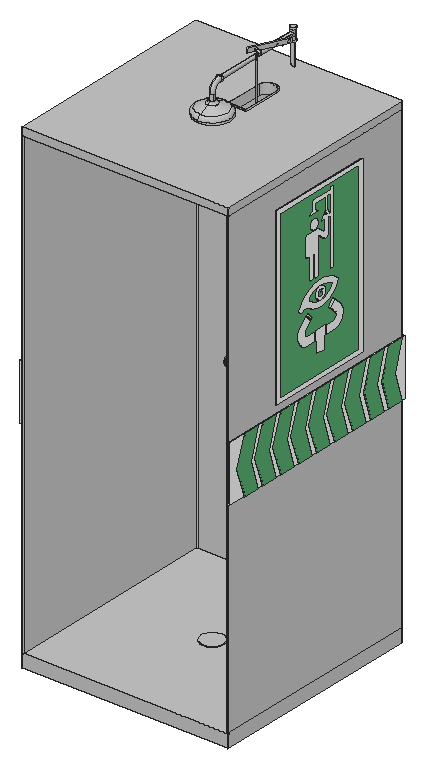
Revit family "Plumbing-Fixturse_Haws-Corporation_8605SS", category Plumbing Fixtures, Revit 2020
Family settings
  Round Connector Dimension = Use Radius
  Part Type = Normal
  OmniClass Number = 23.45.05.14.17.11
  Work Plane-Based = Yes
  Always vertical = No
  Cut with Voids When Loaded = No
  Shared = No
  Room Calculation Point = No
Parameters (values of type "8605SS")
  Width = 38.74016"  # constant formula
  Waste Connection = 1 < 2  # yes
  WFU = 1  # constant formula
  Version = 1
  Vent Connection = 3 < 2  # no
  URL = "https://www.hawsco.com/"
  Supply Radius = 1" / 2  # 1/2"
  Sanitary Radius = 2"  # constant formula
  Housing Material = Haws Corporation - Metal - Satin Finish Stainless Steel
  Date Updated = ""
  Date Created = "2023/09/20"
  Connector angle [instance] = if(Inlet Bottom, 180.00°, 0.00°)  # 0.00°
  Connector Description [instance] = if(Inlet Bottom, "1 NPT(F) Inlet Bottom", "1 NPT(F) Inlet Top")  # "1 NPT(F) Inlet Top"
  Inlet Top [instance] = not(Inlet Bottom)  # yes
  Pull Rod = Haws Corporation - Metal - High Polished Stainless Steel
  Product data url = "https://www.bimobject.com/hawscorporation/product/haws-8605SS-shower-eye-face-wash"
  Product Page URL = "https://www.hawsco.com/products/8605ss-enclosed-shower-and-eye-face-wash-stainless-steel-booth/"
  Product Documentation Link = "https://www.hawsco.com/wp-content/uploads/2023/07/8605SS_specsheet.pdf"
  Model = "8605SS"  # constant formula
  Manufacturer = "Haws Corporation"  # constant formula
  Height = 82.32283"  # constant formula
  HWFU = 0  # constant formula
  HW Connection = 3 < 2  # no
  Flow = 20 GPM  # constant formula
  Description = "Model 8605SS combination shower and eye/face wash stainless steel."  # constant formula
  Depth = 36.65354"  # constant formula
  Default Elevation = 10"
  Connector offset [instance] = if(Inlet Bottom, 0", 92 5/128")  # 92 5/128"
  Inlet Bottom [instance] = no
  CWFU = 1  # constant formula
  CW Connection = 1 < 2  # yes
Reference planes (in)
  plane 1 "Center (Front/Back)": y = 0
  plane 2: z = 0
  plane 3 "Center (Left/Right)": x = 0
Forms (in)
  Extrusion 1, solid, material "Haws Corporation - Metal - Satin Finish Stainless Steel" <- "Housing Material", detail levels medium+fine
    sketch origin (0, 0, 0) x (1, 0, 0) y (0, 1, 0)
      loop
        arc (-18.03202, 19.37008) -> (-18.24044, 19.28375) -> (-18.32677, 19.07532) r 0.29476
        line (-18.32677, 19.07532) -> (-18.32677, -19.23377)
        arc (-18.32677, -19.23377) -> (-18.28685, -19.33016) -> (-18.19047, -19.37008) r 0.13631
        line (-18.19047, -19.37008) -> (-18.07164, -19.37008)
        arc (-18.07164, -19.37008) -> (-17.97366, -19.32949) -> (-17.93307, -19.23151) r 0.13857
        line (-17.93307, -19.23151) -> (-17.93307, 18.78032)
        arc (-17.93307, 18.78032) -> (-17.87565, 18.91895) -> (-17.73702, 18.97638) r 0.19606
        line (-17.73702, 18.97638) -> (17.73622, 18.97638)
        arc (17.73622, 18.97638) -> (17.87541, 18.91872) -> (17.93307, 18.77953) r 0.19685
        line (17.93307, 18.77953) -> (17.93307, -19.23292)
        arc (17.93307, -19.23292) -> (17.97324, -19.32991) -> (18.07022, -19.37008) r 0.13715
        line (18.07022, -19.37008) -> (18.18912, -19.37008)
        arc (18.18912, -19.37008) -> (18.28646, -19.32976) -> (18.32677, -19.23243) r 0.13765
        line (18.32677, -19.23243) -> (18.32677, 19.07471)
        arc (18.32677, 19.07471) -> (18.24026, 19.28357) -> (18.03141, 19.37008) r 0.29536
        line (18.03141, 19.37008) -> (-18.03202, 19.37008)
    from 2.3622 to 84.62205
  Extrusion 2, solid, material "Haws Corporation - Metal - Satin Finish Stainless Steel" <- "Housing Material", detail levels medium+fine
    sketch origin (0, 0, 0) x (1, 0, 0) y (0, 1, 0)
      loop
        line (-18.32677, 19.07532) -> (-18.32677, -19.23377)
        arc (-18.32677, -19.23377) -> (-18.28685, -19.33016) -> (-18.19047, -19.37008) r 0.13631
        line (-18.19047, -19.37008) -> (18.18912, -19.37008)
        arc (18.18912, -19.37008) -> (18.28646, -19.32976) -> (18.32677, -19.23243) r 0.13765
        line (18.32677, -19.23243) -> (18.32677, 19.07471)
        arc (18.32677, 19.07471) -> (18.24026, 19.28357) -> (18.03141, 19.37008) r 0.29536
        line (18.03141, 19.37008) -> (-18.03202, 19.37008)
        arc (-18.03202, 19.37008) -> (-18.24044, 19.28375) -> (-18.32677, 19.07532) r 0.29476
    from 84.62205 to 86
  Extrusion 3, solid, material "Haws Corporation - Metal - Satin Finish Stainless Steel" <- "Housing Material", detail levels medium+fine
    sketch origin (0, 0, 0) x (1, 0, 0) y (0, 1, 0)
      loop
        line (-18.32677, 19.07532) -> (-18.32677, -19.23377)
        arc (-18.32677, -19.23377) -> (-18.28685, -19.33016) -> (-18.19047, -19.37008) r 0.13631
        line (-18.19047, -19.37008) -> (18.18912, -19.37008)
        arc (18.18912, -19.37008) -> (18.28646, -19.32976) -> (18.32677, -19.23243) r 0.13765
        line (18.32677, -19.23243) -> (18.32677, 19.07471)
        arc (18.32677, 19.07471) -> (18.24026, 19.28357) -> (18.03141, 19.37008) r 0.29536
        line (18.03141, 19.37008) -> (-18.03202, 19.37008)
        arc (-18.03202, 19.37008) -> (-18.24044, 19.28375) -> (-18.32677, 19.07532) r 0.29476
    from 0 to 2.3622
  Revolve 4, solid, material "Haws Corporation - Metal - Satin Finish Stainless Steel" <- "Housing Material"
    sketch origin (0, 0, 3.67717) x (0, 1, 0) y (0, 0, 1)
      loop
        line (0, 80.94488) -> (3.14961, 80.94488) -> (3.14961, 82.62897)
        arc (3.14961, 82.62897) -> (3.01499, 83.06928) -> (2.65717, 83.35904) r 0.7874
        line (2.65717, 83.35904) -> (0.91336, 84.06358)
        arc (0.91336, 84.06358) -> (0.68025, 84.25139) -> (0.59058, 84.53699) r 0.51617
        line (0.59058, 84.53699) -> (0, 84.53699) -> (0, 80.94488)
      axis (0, 84.53699) -> (0, 80.94488)
    angle from 0 to 360
  Extrusion 5, void
    sketch origin (0, 0, 0) x (1, 0, 0) y (0, 1, 0)
      loop
        circle (0, 0) r 3.14961
    from 86 to 84.62205
  Extrusion 6, solid, material "Haws Corporation - Metal - Satin Finish Stainless Steel" <- "Housing Material"
    sketch origin (0, 0, 3.67717) x (1, 0, 0) y (0, 1, 0)
      loop
        circle (0, 0) r 0.28906
    from 84.53699 to 85.71809
  Sweep 7, solid, material "Haws Corporation - Metal - Satin Finish Stainless Steel" <- "Housing Material"
    path origin (0, 0, 3.67717) x (0, -1, 0) y (0, 0, 1)
      loop
        arc (0, 85.71809) -> (-0.46125, 86.83165) -> (-1.5748, 87.2929) r 1.5748
    profile origin (0, 0.46125, 90.50881) x (0, 0.707107, -0.707107) y (-1, 0, 0)
      loop
        circle (0, 0) r 0.39453
  Extrusion 8, solid, material "Haws Corporation - Metal - Satin Finish Stainless Steel" <- "Housing Material"
    sketch origin (0, -0.3937, 0) x (1, 0, 0) y (0, 1, 0)
      loop
        circle (0, 18.32302) r 0.28906
    from 3.6465 to 89.85288
  Extrusion 9, solid, material "Haws Corporation - Metal - Satin Finish Stainless Steel" <- "Housing Material"
    sketch origin (-0.00445, 0, 3.30747) x (1, 0, 0) y (0, 0, 1)
      loop
        circle (0.00445, 87.6626) r 0.28906
    from -14.5236 to -1.77165
  Extrusion 10, solid, material "Haws Corporation - Metal - Satin Finish Stainless Steel" <- "Housing Material"
    sketch origin (0, 0, 3.67717) x (1, 0, 0) y (0, 1, 0)
      loop
        circle (0, 17.92932) r 0.39453
    from 86.37256 to 88.16346
  Extrusion 11, solid, material "Haws Corporation - Metal - Satin Finish Stainless Steel" <- "Housing Material"
    sketch origin (0, 0, 3.67717) x (1, 0, 0) y (0, 0, 1)
      loop
        circle (0, 87.2929) r 0.39453
    from -17.92932 to -14.5236
  Extrusion 12, solid, material "Haws Corporation - Metal - Satin Finish Stainless Steel" <- "Housing Material"
    sketch origin (0, 0, 2.87402) x (1, 0, 0) y (0, 1, 0)
      loop
        circle (0, 17.92932) r 0.5
    from 88.96661 to 89.16346
  Extrusion 13, solid, material "Haws Corporation - Metal - Satin Finish Stainless Steel" <- "Housing Material"
    sketch origin (0, 0, 4.43055) x (1, 0, 0) y (0, 1, 0)
      loop
        circle (0, 17.92932) r 0.5
    from 85.42233 to 85.61918
  Extrusion 14, solid, material "Haws Corporation - Metal - Satin Finish Stainless Steel" <- "Housing Material"
    sketch origin (0, 0, 3.67717) x (1, 0, 0) y (0, 0, 1)
      loop
        circle (0, 87.2929) r 0.5
    from -1.77165 to -1.5748
  Extrusion 15, solid, material "Haws Corporation - Metal - Satin Finish Stainless Steel" <- "Housing Material", detail levels medium+fine
    sketch origin (0, 0, 3.67717) x (1, 0, 0) y (0, 0, 1)
      loop
        line (0.63986, 87.6866) -> (0.49036, 87.6866) -> (0.49036, 86.89919) -> (0.63986, 86.89919) -> (0.63986, 87.6866)
    from -16.84179 to -14.85017
  Extrusion 16, solid, material "Haws Corporation - Metal - Satin Finish Stainless Steel" <- "Housing Material", detail levels medium+fine
    sketch origin (2.66319, 69.0114, 20.48529) x (0, -0.866025, -0.5) y (0, -0.5, 0.866025)
      loop
        arc (17.60455, 93.85978) -> (17.43215, 94.24035) -> (17.05849, 94.42727) r 0.625
        line (17.05849, 94.42727) -> (10.11001, 87.47879)
        arc (10.11001, 87.47879) -> (10.2897, 87.1017) -> (10.66679, 86.92201) r 0.625
        line (10.66679, 86.92201) -> (17.60455, 93.85978)
      loop
        circle (10.85, 87.6455) r 0.15748
      loop
        circle (13.84469, 90.64019) r 0.15625
      loop
        circle (16.31956, 93.11506) r 0.15625
    from 1.7579 to 2.02333
  Extrusion 17, solid, material "Haws Corporation - Metal - Satin Finish Stainless Steel" <- "Housing Material", detail levels fine
    sketch origin (0, 26.63899, 3.30657) x (0, -1, 0) y (0, 0, 1)
      loop
        line (10.58484, 87.65695) -> (10.71577, 87.43017) -> (10.97764, 87.43017) -> (11.10858, 87.65695) -> (10.97764, 87.88374) -> (10.71577, 87.88374) -> (10.58484, 87.65695)
    from -0.99185 to -0.90529
  Extrusion 18, void
    sketch origin (0, 0, 0) x (1, 0, 0) y (0, 1, 0)
      loop
        line (0, 3.54331) -> (3.14961, 3.54331) -> (3.14961, 10.23622)
        arc (3.14961, 10.23622) -> (1.5748, 11.81102) -> (0, 10.23622) r 1.5748
        line (0, 10.23622) -> (0, 3.54331)
    from 84.62205 to 86
  Extrusion 19, solid, material "Haws Corporation - Metal - Satin Finish Stainless Steel" <- "Housing Material", detail levels medium+fine
    sketch origin (0, 0, 3.67717) x (1, 0, 0) y (0, 1, 0)
      loop
        arc (3.14961, 10.23622) -> (1.5748, 11.81102) -> (0, 10.23622) r 1.5748
        line (0, 10.23622) -> (0, 3.54331) -> (3.14961, 3.54331) -> (3.14961, 10.23622)
      loop
        line (0.09875, 10.23622) -> (0.09875, 3.6429) -> (3.0515, 3.6429) -> (3.0515, 10.23622)
        arc (3.0515, 10.23622) -> (1.57513, 11.7126) -> (0.09875, 10.23622) r 1.47638
    from 80.77586 to 82.46483
  Revolve 20, solid, material "Haws Corporation - Metal - Satin Finish Stainless Steel" <- "Housing Material"
    sketch origin (0, 14.96377, 5.59252) x (0, 1, 0) y (0, 0, 1)
      loop
        line (-10.125, 37.32903) -> (-9.7313, 37.32903) -> (-9.7313, 38.51098) -> (-9.01943, 38.51098)
        arc (-9.01943, 38.51098) -> (-8.89224, 38.56366) -> (-8.83956, 38.69085) r 0.17987
        arc (-8.83956, 38.69085) -> (-8.82468, 38.72694) -> (-8.78869, 38.74207) r 0.05122
        arc (-8.78869, 38.74207) -> (-8.7506, 38.75734) -> (-8.7336, 38.79469) r 0.05516
        line (-8.7336, 38.79469) -> (-8.7293, 38.92143)
        spline (-8.7293, 38.92143) -> (-8.72954, 38.92591) -> (-8.73026, 38.9301) -> (-8.73145, 38.934) -> (-8.73313, 38.9376) -> (-8.73528, 38.94092) -> (-8.73792, 38.94393) -> (-8.74103, 38.94666) -> (-8.74462, 38.94909) -> (-8.74869, 38.95123) -> (-8.75323, 38.95308) -> (-8.75826, 38.95463) -> (-8.76376, 38.95589)
        line (-8.76376, 38.95589) -> (-10.125, 38.95589) -> (-10.125, 37.32903)
      axis (-10.125, 37.32903) -> (-10.125, 38.95589)
    angle from 0 to 360
  Revolve 21, solid, material "Haws Corporation - Plastic - Green"
    sketch origin (0, 14.96377, 5.59252) x (0, 1, 0) y (0, 0, 1)
      loop
        line (-8.7887, 38.99862) -> (-8.79377, 39.14277)
        arc (-8.79377, 39.14277) -> (-8.80904, 39.18193) -> (-8.84673, 39.20052) r 0.05806
        line (-8.84673, 39.20052) -> (-9.98376, 39.20052) -> (-9.98376, 39.25) -> (-10.125, 39.25) -> (-10.125, 38.95589) -> (-8.76376, 38.95589)
        arc (-8.76376, 38.95589) -> (-8.78161, 38.97412) -> (-8.7887, 38.99862) r 0.05226
      axis (-10.125, 38.95589) -> (-10.125, 39.25)
    angle from 0 to 360
  Extrusion 22, solid, material "Haws Corporation - Metal - Satin Finish Stainless Steel" <- "Housing Material"
    sketch origin (0, 0, 0) x (1, 0, 0) y (0, 0, 1)
      loop
        circle (0, 43.31609) r 0.28906
    from -17.92932 to -17.15857
  Extrusion 23, solid, material "Haws Corporation - Metal - Satin Finish Stainless Steel" <- "Housing Material"
    sketch origin (0, 0, 0) x (1, 0, 0) y (0, 0, 1)
      loop
        circle (0, 43.31609) r 0.23438
    from -17.15857 to -15.28033
  Extrusion 24, solid, material "Haws Corporation - Metal - Satin Finish Stainless Steel" <- "Housing Material"
    sketch origin (0, 0, 0) x (1, 0, 0) y (0, 0, 1)
      loop
        line (0.73631, 43.80723) -> (-0.64164, 43.80723) -> (-0.64164, 42.82298) -> (0.73631, 42.82298) -> (0.73631, 43.80723)
    from -15.28033 to -14.0905
  Extrusion 25, solid, material "Haws Corporation - Metal - Satin Finish Stainless Steel" <- "Housing Material"
    sketch origin (0, 0, 0) x (0, 1, 0) y (0, 0, 1)
      loop
        circle (14.58274, 43.31511) r 0.49213
    from 0.73631 to 2.61057
  Sweep 26, solid, material "Haws Corporation - Metal - Satin Finish Stainless Steel" <- "Housing Material"
    path origin (0, 0, 0) x (1, 0, 0) y (0, 1, 0)
      loop
        line (1.82317, 14.58274) -> (1.82317, 10.72389)
        arc (1.82317, 10.72389) -> (1.66411, 9.92421) -> (1.21112, 9.24628) r 2.08967
        line (1.21112, 9.24628) -> (0.42899, 8.46414)
        arc (0.42899, 8.46414) -> (0.11149, 7.98897) -> (0, 7.42847) r 1.46466
        line (0, 7.42847) -> (0, 4.83877)
    profile origin (1.82317, 12.65332, 0) x (1, 0, 0) y (0, 0, 1)
      loop
        circle (0, 43.31511) r 0.29495
  Extrusion 27, solid, material "Haws Corporation - Metal - Green", detail levels medium+fine
    sketch origin (0, 18.97055, -2.40357) x (1, 0, 0) y (0, 0, 1)
      loop
        line (-3.3125, 78.70085) -> (-3.3125, 67.95085) -> (3.3125, 67.95085) -> (3.3125, 78.70085) -> (-3.3125, 78.70085)
    from 1.43424 to 1.55849
  Extrusion 28, solid, material "Haws Corporation - Metal - Satin Finish Stainless Steel" <- "Housing Material"
    sketch origin (0, 0, 0) x (1, 0, 0) y (0, 1, 0)
      loop
        circle (0, 17.92932) r 0.5
    from 0 to 3.6465
  Extrusion 29, solid, material "Haws Corporation - Metal - Satin Finish Stainless Steel" <- "Housing Material"
    sketch origin (0, 0, 0) x (1, 0, 0) y (0, 1, 0)
      loop
        circle (0, 0) r 2
    from 0 to 2.3622
  Extrusion 30, void
    sketch origin (0, 0, 0) x (1, 0, 0) y (0, 1, 0)
      loop
        circle (0, 17.92932) r 0.5
    from 0 to 3.25273
  Extrusion 31, solid, material "Haws Corporation - Metal - Satin Finish Stainless Steel" <- "Housing Material", detail levels coarse
    sketch origin (0, 0, 3.67717) x (1, 0, 0) y (0, 1, 0)
      loop
        line (-18.32677, 19.37008) -> (-18.32677, -19.37008) -> (18.32677, -19.37008) -> (18.32677, 19.37008) -> (-18.32677, 19.37008)
    from 80.94488 to 82.32283
  Extrusion 32, solid, material "Haws Corporation - Metal - Satin Finish Stainless Steel" <- "Housing Material", detail levels coarse
    sketch origin (0, 0, 0) x (1, 0, 0) y (0, 1, 0)
      loop
        line (-17.93307, -19.37008) -> (-17.93307, 18.97638) -> (17.93307, 18.97638) -> (17.93307, -19.37008) -> (18.32677, -19.37008) -> (18.32677, 19.37008) -> (-18.32677, 19.37008) -> (-18.32677, -19.37008) -> (-17.93307, -19.37008)
    from 2.3622 to 84.62205
  Extrusion 33, solid, material "Haws Corporation - Metal - Satin Finish Stainless Steel" <- "Housing Material", detail levels coarse
    sketch origin (0, 0, 0) x (1, 0, 0) y (0, 1, 0)
      loop
        line (-18.32677, 19.37008) -> (-18.32677, -19.37008) -> (18.32677, -19.37008) -> (18.32677, 19.37008) -> (-18.32677, 19.37008)
    from 2.3622 to 0
  Extrusion 34, void
    sketch origin (0, 0, 0) x (1, 0, 0) y (0, 1, 0)
      loop
        circle (0, 17.92932) r 0.28906
    from 84.62205 to 86
  Extrusion 35, solid, material "Haws Corporation - Metal - Satin Finish Stainless Steel" <- "Housing Material", not visible
    sketch origin (0, 0, 95.78906) x (0, 0, -1) y (1, 0, 0)
      loop
        line (3.60738, 0.5) -> (3.60738, -0.5) -> (3.75, -0.5) -> (3.75, 0.5) -> (3.60738, 0.5)
    from -18.42318 to -17.43362
  Extrusion 36, solid, material "Haws Corporation - Plastic - White", detail levels medium+fine
    sketch origin (0.58927, 0, 4.16566) x (1, 0, 0) y (0, 0, 1)
      loop
        line (-3.90177, 72.13162) -> (-3.90177, 61.38162) -> (2.72323, 61.38162) -> (2.72323, 72.13162) -> (-3.90177, 72.13162)
      loop
        line (-3.65177, 61.63162) -> (2.47323, 61.63162) -> (2.47323, 71.88162) -> (-3.65177, 71.88162) -> (-3.65177, 61.63162)
      loop
        arc (-0.93302, 71.22537) -> (-0.91471, 71.26957) -> (-0.87052, 71.28787) r 0.0625
        line (-0.87052, 71.28787) -> (-0.13577, 71.28787) -> (-0.13577, 70.58147) -> (-0.4194, 70.08512) -> (-0.21427, 70.08512) -> (-0.21427, 69.38162) -> (-0.66427, 69.71912)
        arc (-0.66427, 69.71912) -> (-0.71748, 69.747) -> (-0.77677, 69.75662) r 0.1875
        line (-0.77677, 69.75662) -> (-1.46427, 69.75662)
        arc (-1.46427, 69.75662) -> (-1.59685, 69.70171) -> (-1.65177, 69.56912) r 0.1875
        line (-1.65177, 69.56912) -> (-1.65177, 68.63162)
        arc (-1.65177, 68.63162) -> (-1.52677, 68.50662) -> (-1.40177, 68.63162) r 0.125
        line (-1.40177, 68.63162) -> (-1.40177, 69.50662) -> (-1.33927, 69.50662) -> (-1.33927, 67.25662)
        arc (-1.33927, 67.25662) -> (-1.21427, 67.13162) -> (-1.08927, 67.25662) r 0.125
        line (-1.08927, 67.25662) -> (-1.08927, 68.50662) -> (-0.96427, 68.50662) -> (-0.96427, 67.25662)
        arc (-0.96427, 67.25662) -> (-0.83927, 67.13162) -> (-0.71427, 67.25662) r 0.125
        line (-0.71427, 67.25662) -> (-0.71427, 69.38162) -> (-0.26427, 69.04412)
        arc (-0.26427, 69.04412) -> (-0.06792, 69.02642) -> (0.03573, 69.19412) r 0.1875
        line (0.03573, 69.19412) -> (0.03573, 70.08512) -> (0.24086, 70.08512) -> (-0.04277, 70.58147) -> (-0.04277, 71.28787) -> (0.28573, 71.28787) -> (0.28573, 67.13162) -> (0.41073, 67.13162) -> (0.41073, 71.63162) -> (0.28573, 71.63162) -> (0.28573, 71.47537) -> (-1.02677, 71.47537)
        arc (-1.02677, 71.47537) -> (-1.09306, 71.44792) -> (-1.12052, 71.38162) r 0.09375
        line (-1.12052, 71.38162) -> (-1.12052, 70.87182)
        arc (-1.12052, 70.87182) -> (-1.2379, 70.82943) -> (-1.33927, 70.75662) r 0.45312
        line (-1.33927, 70.75662) -> (-0.71427, 70.75662)
        arc (-0.71427, 70.75662) -> (-0.81564, 70.82943) -> (-0.93302, 70.87182) r 0.45313
        line (-0.93302, 70.87182) -> (-0.93302, 71.22537)
      loop
        circle (-1.02677, 70.13162) r 0.28125
      loop
        line (-0.08927, 70.4754) -> (-0.25914, 70.17812) -> (-0.2053, 70.17812)
        arc (-0.2053, 70.17812) -> (-0.08927, 70.25662) -> (0.02676, 70.17812) r 0.125
        line (0.02676, 70.17812) -> (0.0806, 70.17812) -> (-0.08927, 70.4754)
      loop
        arc (0.84823, 66.38162) -> (-0.77076, 66.84558) -> (-2.15177, 65.88162) r 1.95937
        arc (-2.15177, 65.88162) -> (-2.09997, 65.69028) -> (-1.90177, 65.69412) r 0.16106
        arc (-1.90177, 65.69412) -> (-1.57035, 65.72624) -> (-1.27677, 65.56912) r 0.57452
        arc (-1.27677, 65.56912) -> (-0.01612, 65.45714) -> (0.84823, 66.38162) r 1.44351
      loop
        arc (0.4698, 66.27985) -> (-0.43173, 66.55965) -> (-1.33882, 66.29842) r 1.64687
        arc (-1.33882, 66.29842) -> (-1.42449, 66.12723) -> (-1.31522, 65.97005) r 0.1875
        arc (-1.31522, 65.97005) -> (-1.19589, 65.90417) -> (-1.08806, 65.82078) r 0.88702
        arc (-1.08806, 65.82078) -> (-0.21196, 65.72057) -> (0.4698, 66.27985) r 1.13101
      loop
        circle (-0.52677, 66.13162) r 0.375
      loop
        arc (-0.36159, 66.29234) -> (-0.7329, 66.02856) -> (-0.29909, 66.16734) r 0.23046
        line (-0.29909, 66.16734) -> (-0.48659, 66.16734) -> (-0.36159, 66.29234)
      loop
        line (-1.17544, 65.04546) -> (-1.51919, 65.38921) -> (-1.60757, 65.30082) -> (-1.26382, 64.95707) -> (-1.17544, 65.04546)
      loop
        line (0.1219, 65.04546) -> (0.21029, 64.95707) -> (0.55404, 65.30082) -> (0.46565, 65.38921) -> (0.1219, 65.04546)
      loop
        line (-1.73473, 64.50761) -> (-1.31874, 64.9236) -> (-1.6723, 65.27715) -> (-2.12693, 64.82251)
        arc (-2.12693, 64.82251) -> (-2.21333, 64.10146) -> (-1.65958, 63.63162) r 0.76691
        line (-1.65958, 63.63162) -> (-1.02677, 63.63162) -> (-1.02677, 64.13162) -> (-1.59292, 64.13162)
        arc (-1.59292, 64.13162) -> (-1.74916, 64.28743) -> (-1.73473, 64.50761) r 0.26691
      loop
        line (-0.90177, 64.19412) -> (-0.90177, 63.63162) -> (-0.77677, 63.63162) -> (-0.77677, 62.88162) -> (-0.27677, 62.88162) -> (-0.27677, 63.63162) -> (-0.15177, 63.63162) -> (-0.15177, 64.19412) -> (-0.90177, 64.19412)
      loop
        arc (0.68119, 64.50761) -> (0.69562, 64.28743) -> (0.53938, 64.13162) r 0.26691
        line (0.53938, 64.13162) -> (-0.02677, 64.13162) -> (-0.02677, 63.63162) -> (0.60604, 63.63162)
        arc (0.60604, 63.63162) -> (1.15979, 64.10146) -> (1.0734, 64.82251) r 0.76691
        line (1.0734, 64.82251) -> (0.61876, 65.27715) -> (0.2652, 64.9236) -> (0.68119, 64.50761)
    from -17.41206 to -17.34749
  Extrusion 37, solid, material "Haws Corporation - Plastic - White", detail levels medium+fine
    sketch origin (0, 0, 0) x (0, 1, 0) y (0, 0, 1)
      loop
        line (19.37008, 48.79294) -> (-19.37008, 48.79294) -> (-19.37008, 38.79362) -> (19.37008, 38.79362) -> (19.37008, 48.79294)
    from -18.64577 to -18.32677
  Extrusion 38, solid, material "Haws Corporation - Plastic - White", detail levels medium+fine
    sketch origin (0, 0, 0) x (0, 1, 0) y (0, 0, 1)
      loop
        line (19.37008, 48.79294) -> (-19.37008, 48.79294) -> (-19.37008, 38.79362) -> (19.37008, 38.79362) -> (19.37008, 48.79294)
    from 18.32677 to 18.64708
  Extrusion 39, solid, material "Haws Corporation - Metal - Green", detail levels medium+fine
    sketch origin (0, -0.6875, 0) x (0, 1, 0) y (0, 0, 1)
      loop
        line (19.37008, 48.79294) -> (16.37008, 48.79294) -> (14.74559, 43.79328) -> (16.37008, 38.79362) -> (19.37008, 38.79362) -> (17.74559, 43.79328) -> (19.37008, 48.79294)
      loop
        line (15.37008, 48.79294) -> (12.37008, 48.79294) -> (10.74559, 43.79328) -> (12.37008, 38.79362) -> (15.37008, 38.79362) -> (13.74559, 43.79328) -> (15.37008, 48.79294)
      loop
        line (11.37008, 48.79294) -> (8.37008, 48.79294) -> (6.74559, 43.79328) -> (8.37008, 38.79362) -> (11.37008, 38.79362) -> (9.74559, 43.79328) -> (11.37008, 48.79294)
      loop
        line (7.37008, 48.79294) -> (4.37008, 48.79294) -> (2.74559, 43.79328) -> (4.37008, 38.79362) -> (7.37008, 38.79362) -> (5.74559, 43.79328) -> (7.37008, 48.79294)
      loop
        line (3.37008, 48.79294) -> (0.37008, 48.79294) -> (-1.25441, 43.79328) -> (0.37008, 38.79362) -> (3.37008, 38.79362) -> (1.74559, 43.79328) -> (3.37008, 48.79294)
      loop
        line (-0.62992, 48.79294) -> (-3.62992, 48.79294) -> (-5.25441, 43.79328) -> (-3.62992, 38.79362) -> (-0.62992, 38.79362) -> (-2.25441, 43.79328) -> (-0.62992, 48.79294)
      loop
        line (-4.62992, 48.79294) -> (-7.62992, 48.79294) -> (-9.25441, 43.79328) -> (-7.62992, 38.79362) -> (-4.62992, 38.79362) -> (-6.25441, 43.79328) -> (-4.62992, 48.79294)
      loop
        line (-8.62992, 48.79294) -> (-11.62992, 48.79294) -> (-13.25441, 43.79328) -> (-11.62992, 38.79362) -> (-8.62992, 38.79362) -> (-10.25441, 43.79328) -> (-8.62992, 48.79294)
      loop
        line (-12.62992, 48.79294) -> (-15.62992, 48.79294) -> (-17.25441, 43.79328) -> (-15.62992, 38.79362) -> (-12.62992, 38.79362) -> (-14.25441, 43.79328) -> (-12.62992, 48.79294)
    from -18.7344 to -18.64577
  Extrusion 40, solid, material "Haws Corporation - Metal - Green", detail levels medium+fine
    sketch origin (0, -0.69569, 0) x (0, 1, 0) y (0, 0, 1)
      loop
        line (19.37008, 48.79294) -> (16.37008, 48.79294) -> (14.74559, 43.79328) -> (16.37008, 38.79362) -> (19.37008, 38.79362) -> (17.74559, 43.79328) -> (19.37008, 48.79294)
      loop
        line (15.37008, 48.79294) -> (12.37008, 48.79294) -> (10.74559, 43.79328) -> (12.37008, 38.79362) -> (15.37008, 38.79362) -> (13.74559, 43.79328) -> (15.37008, 48.79294)
      loop
        line (11.37008, 48.79294) -> (8.37008, 48.79294) -> (6.74559, 43.79328) -> (8.37008, 38.79362) -> (11.37008, 38.79362) -> (9.74559, 43.79328) -> (11.37008, 48.79294)
      loop
        line (7.37008, 48.79294) -> (4.37008, 48.79294) -> (2.74559, 43.79328) -> (4.37008, 38.79362) -> (7.37008, 38.79362) -> (5.74559, 43.79328) -> (7.37008, 48.79294)
      loop
        line (3.37008, 48.79294) -> (0.37008, 48.79294) -> (-1.25441, 43.79328) -> (0.37008, 38.79362) -> (3.37008, 38.79362) -> (1.74559, 43.79328) -> (3.37008, 48.79294)
      loop
        line (-0.62992, 48.79294) -> (-3.62992, 48.79294) -> (-5.25441, 43.79328) -> (-3.62992, 38.79362) -> (-0.62992, 38.79362) -> (-2.25441, 43.79328) -> (-0.62992, 48.79294)
      loop
        line (-4.62992, 48.79294) -> (-7.62992, 48.79294) -> (-9.25441, 43.79328) -> (-7.62992, 38.79362) -> (-4.62992, 38.79362) -> (-6.25441, 43.79328) -> (-4.62992, 48.79294)
      loop
        line (-8.62992, 48.79294) -> (-11.62992, 48.79294) -> (-13.25441, 43.79328) -> (-11.62992, 38.79362) -> (-8.62992, 38.79362) -> (-10.25441, 43.79328) -> (-8.62992, 48.79294)
      loop
        line (-12.62992, 48.79294) -> (-15.62992, 48.79294) -> (-17.25441, 43.79328) -> (-15.62992, 38.79362) -> (-12.62992, 38.79362) -> (-14.25441, 43.79328) -> (-12.62992, 48.79294)
    from 18.64708 to 18.76888
  Extrusion 41, solid, material "Haws Corporation - Metal - Green", detail levels medium+fine
    sketch origin (0, 0, 0) x (0, 1, 0) y (0, 0, 1)
      loop
        line (9.85235, 81.11617) -> (-9.14765, 81.11617) -> (-9.14765, 50.36617) -> (9.85235, 50.36617) -> (9.85235, 81.11617)
    from -18.64577 to -18.32677
  Extrusion 42, solid, material "Haws Corporation - Plastic - White", detail levels medium+fine
    sketch origin (-37.6568, -0.59419, 4.16566) x (0, -1, 0) y (0, 0, 1)
      loop
        line (-10.44654, 76.95051) -> (-10.44654, 46.20051) -> (8.55346, 46.20051) -> (8.55346, 76.95051) -> (-10.44654, 76.95051)
      loop
        line (-9.72956, 46.8373) -> (7.83648, 46.8373) -> (7.83648, 76.23353) -> (-9.72956, 76.23353) -> (-9.72956, 46.8373)
      loop
        arc (-1.93239, 74.35145) -> (-1.87989, 74.4782) -> (-1.75315, 74.5307) r 0.17925
        line (-1.75315, 74.5307) -> (0.35406, 74.5307) -> (0.35406, 72.50479) -> (-0.45936, 71.0813) -> (0.12893, 71.0813) -> (0.12893, 69.06372) -> (-1.16164, 70.03164)
        arc (-1.16164, 70.03164) -> (-1.31423, 70.11159) -> (-1.48428, 70.13919) r 0.53774
        line (-1.48428, 70.13919) -> (-3.45598, 70.13919)
        arc (-3.45598, 70.13919) -> (-3.83621, 69.98169) -> (-3.99371, 69.60145) r 0.53774
        line (-3.99371, 69.60145) -> (-3.99371, 66.91277)
        arc (-3.99371, 66.91277) -> (-3.63522, 66.55428) -> (-3.27673, 66.91277) r 0.35849
        line (-3.27673, 66.91277) -> (-3.27673, 69.42221) -> (-3.09749, 69.42221) -> (-3.09749, 62.96938)
        arc (-3.09749, 62.96938) -> (-2.73899, 62.61089) -> (-2.3805, 62.96938) r 0.35849
        line (-2.3805, 62.96938) -> (-2.3805, 66.55428) -> (-2.02201, 66.55428) -> (-2.02201, 62.96938)
        arc (-2.02201, 62.96938) -> (-1.66352, 62.61089) -> (-1.30503, 62.96938) r 0.35849
        line (-1.30503, 62.96938) -> (-1.30503, 69.06372) -> (-0.01447, 68.09579)
        arc (-0.01447, 68.09579) -> (0.54866, 68.04502) -> (0.84591, 68.52598) r 0.53774
        line (0.84591, 68.52598) -> (0.84591, 71.0813) -> (1.4342, 71.0813) -> (0.62078, 72.50479) -> (0.62078, 74.5307) -> (1.56289, 74.5307) -> (1.56289, 62.61089) -> (1.92138, 62.61089) -> (1.92138, 75.51655) -> (1.56289, 75.51655) -> (1.56289, 75.06843) -> (-2.20126, 75.06843)
        arc (-2.20126, 75.06843) -> (-2.39138, 74.98968) -> (-2.47013, 74.79957) r 0.26887
        line (-2.47013, 74.79957) -> (-2.47013, 73.33749)
        arc (-2.47013, 73.33749) -> (-2.80677, 73.21591) -> (-3.09749, 73.00711) r 1.29953
        line (-3.09749, 73.00711) -> (-1.30503, 73.00711)
        arc (-1.30503, 73.00711) -> (-1.59574, 73.21591) -> (-1.93239, 73.33749) r 1.29953
        line (-1.93239, 73.33749) -> (-1.93239, 74.35145)
      loop
        circle (-2.20126, 71.21466) r 0.8066
      loop
        line (0.48742, 72.20059) -> (0.00024, 71.34802) -> (0.15466, 71.34802)
        arc (0.15466, 71.34802) -> (0.48742, 71.57315) -> (0.82018, 71.34802) r 0.35849
        line (0.82018, 71.34802) -> (0.9746, 71.34802) -> (0.48742, 72.20059)
      loop
        arc (3.1761, 60.45994) -> (-1.46705, 61.79053) -> (-5.42767, 59.02598) r 5.61931
        arc (-5.42767, 59.02598) -> (-5.27911, 58.47721) -> (-4.71069, 58.48825) r 0.4619
        arc (-4.71069, 58.48825) -> (-3.7602, 58.58036) -> (-2.91824, 58.12976) r 1.64769
        arc (-2.91824, 58.12976) -> (0.6972, 57.8086) -> (3.1761, 60.45994) r 4.13986
      loop
        arc (2.0908, 60.16806) -> (-0.49474, 60.97052) -> (-3.09621, 60.22133) r 4.72308
        arc (-3.09621, 60.22133) -> (-3.3419, 59.73036) -> (-3.02852, 59.27959) r 0.53774
        arc (-3.02852, 59.27959) -> (-2.68629, 59.09064) -> (-2.37705, 58.85149) r 2.54392
        arc (-2.37705, 58.85149) -> (0.13554, 58.56409) -> (2.0908, 60.16806) r 3.24364
      loop
        circle (-0.7673, 59.74296) r 1.07547
      loop
        arc (-0.29358, 60.20388) -> (-1.35847, 59.44738) -> (-0.11433, 59.84539) r 0.66095
        line (-0.11433, 59.84539) -> (-0.65207, 59.84539) -> (-0.29358, 60.20388)
      loop
        line (-2.62763, 56.62792) -> (-3.61348, 57.61377) -> (-3.86697, 57.36027) -> (-2.88112, 56.37443) -> (-2.62763, 56.62792)
      loop
        line (1.09303, 56.62792) -> (1.34652, 56.37443) -> (2.33237, 57.36027) -> (2.07888, 57.61377) -> (1.09303, 56.62792)
      loop
        line (-4.23164, 55.08541) -> (-3.03862, 56.27843) -> (-4.05258, 57.2924) -> (-5.35645, 55.98853)
        arc (-5.35645, 55.98853) -> (-5.60422, 53.9206) -> (-4.01612, 52.57315) r 2.19944
        line (-4.01612, 52.57315) -> (-2.20126, 52.57315) -> (-2.20126, 54.00711) -> (-3.82493, 54.00711)
        arc (-3.82493, 54.00711) -> (-4.27303, 54.45395) -> (-4.23164, 55.08541) r 0.76548
      loop
        line (-1.84277, 54.18636) -> (-1.84277, 52.57315) -> (-1.48428, 52.57315) -> (-1.48428, 50.42221) -> (-0.05032, 50.42221) -> (-0.05032, 52.57315) -> (0.30817, 52.57315) -> (0.30817, 54.18636) -> (-1.84277, 54.18636)
      loop
        arc (2.69704, 55.08541) -> (2.73843, 54.45395) -> (2.29033, 54.00711) r 0.76548
        line (2.29033, 54.00711) -> (0.66667, 54.00711) -> (0.66667, 52.57315) -> (2.48152, 52.57315)
        arc (2.48152, 52.57315) -> (4.06963, 53.9206) -> (3.82186, 55.98853) r 2.19944
        line (3.82186, 55.98853) -> (2.51799, 57.2924) -> (1.50402, 56.27843) -> (2.69704, 55.08541)
    from -18.92239 to -18.86455
  Extrusion 43, solid, material "Haws Corporation - Plastic - White", detail levels medium+fine
    sketch origin (44.38015, 1.29889, 4.16566) x (0, 1, 0) y (0, 0, 1)
      loop
        line (-10.44654, 76.95051) -> (-10.44654, 46.20051) -> (8.55346, 46.20051) -> (8.55346, 76.95051) -> (-10.44654, 76.95051)
      loop
        line (-9.72956, 46.8373) -> (7.83648, 46.8373) -> (7.83648, 76.23353) -> (-9.72956, 76.23353) -> (-9.72956, 46.8373)
      loop
        arc (-1.93239, 74.35145) -> (-1.87989, 74.4782) -> (-1.75315, 74.5307) r 0.17925
        line (-1.75315, 74.5307) -> (0.35406, 74.5307) -> (0.35406, 72.50479) -> (-0.45936, 71.0813) -> (0.12893, 71.0813) -> (0.12893, 69.06372) -> (-1.16164, 70.03164)
        arc (-1.16164, 70.03164) -> (-1.31423, 70.11159) -> (-1.48428, 70.13919) r 0.53774
        line (-1.48428, 70.13919) -> (-3.45598, 70.13919)
        arc (-3.45598, 70.13919) -> (-3.83621, 69.98169) -> (-3.99371, 69.60145) r 0.53774
        line (-3.99371, 69.60145) -> (-3.99371, 66.91277)
        arc (-3.99371, 66.91277) -> (-3.63522, 66.55428) -> (-3.27673, 66.91277) r 0.35849
        line (-3.27673, 66.91277) -> (-3.27673, 69.42221) -> (-3.09749, 69.42221) -> (-3.09749, 62.96938)
        arc (-3.09749, 62.96938) -> (-2.73899, 62.61089) -> (-2.3805, 62.96938) r 0.35849
        line (-2.3805, 62.96938) -> (-2.3805, 66.55428) -> (-2.02201, 66.55428) -> (-2.02201, 62.96938)
        arc (-2.02201, 62.96938) -> (-1.66352, 62.61089) -> (-1.30503, 62.96938) r 0.35849
        line (-1.30503, 62.96938) -> (-1.30503, 69.06372) -> (-0.01447, 68.09579)
        arc (-0.01447, 68.09579) -> (0.54866, 68.04502) -> (0.84591, 68.52598) r 0.53774
        line (0.84591, 68.52598) -> (0.84591, 71.0813) -> (1.4342, 71.0813) -> (0.62078, 72.50479) -> (0.62078, 74.5307) -> (1.56289, 74.5307) -> (1.56289, 62.61089) -> (1.92138, 62.61089) -> (1.92138, 75.51655) -> (1.56289, 75.51655) -> (1.56289, 75.06843) -> (-2.20126, 75.06843)
        arc (-2.20126, 75.06843) -> (-2.39138, 74.98968) -> (-2.47013, 74.79957) r 0.26887
        line (-2.47013, 74.79957) -> (-2.47013, 73.33749)
        arc (-2.47013, 73.33749) -> (-2.80677, 73.21591) -> (-3.09749, 73.00711) r 1.29953
        line (-3.09749, 73.00711) -> (-1.30503, 73.00711)
        arc (-1.30503, 73.00711) -> (-1.59574, 73.21591) -> (-1.93239, 73.33749) r 1.29953
        line (-1.93239, 73.33749) -> (-1.93239, 74.35145)
      loop
        circle (-2.20126, 71.21466) r 0.8066
      loop
        line (0.48742, 72.20059) -> (0.00024, 71.34802) -> (0.15466, 71.34802)
        arc (0.15466, 71.34802) -> (0.48742, 71.57315) -> (0.82018, 71.34802) r 0.35849
        line (0.82018, 71.34802) -> (0.9746, 71.34802) -> (0.48742, 72.20059)
      loop
        arc (3.1761, 60.45994) -> (-1.46705, 61.79053) -> (-5.42767, 59.02598) r 5.61931
        arc (-5.42767, 59.02598) -> (-5.27911, 58.47721) -> (-4.71069, 58.48825) r 0.4619
        arc (-4.71069, 58.48825) -> (-3.7602, 58.58036) -> (-2.91824, 58.12976) r 1.64769
        arc (-2.91824, 58.12976) -> (0.6972, 57.8086) -> (3.1761, 60.45994) r 4.13986
      loop
        arc (2.0908, 60.16806) -> (-0.49474, 60.97052) -> (-3.09621, 60.22133) r 4.72308
        arc (-3.09621, 60.22133) -> (-3.3419, 59.73036) -> (-3.02852, 59.27959) r 0.53774
        arc (-3.02852, 59.27959) -> (-2.68629, 59.09064) -> (-2.37705, 58.85149) r 2.54392
        arc (-2.37705, 58.85149) -> (0.13554, 58.56409) -> (2.0908, 60.16806) r 3.24364
      loop
        circle (-0.7673, 59.74296) r 1.07547
      loop
        arc (-0.29358, 60.20388) -> (-1.35847, 59.44738) -> (-0.11433, 59.84539) r 0.66095
        line (-0.11433, 59.84539) -> (-0.65207, 59.84539) -> (-0.29358, 60.20388)
      loop
        line (-2.62763, 56.62792) -> (-3.61348, 57.61377) -> (-3.86697, 57.36027) -> (-2.88112, 56.37443) -> (-2.62763, 56.62792)
      loop
        line (1.09303, 56.62792) -> (1.34652, 56.37443) -> (2.33237, 57.36027) -> (2.07888, 57.61377) -> (1.09303, 56.62792)
      loop
        line (-4.23164, 55.08541) -> (-3.03862, 56.27843) -> (-4.05258, 57.2924) -> (-5.35645, 55.98853)
        arc (-5.35645, 55.98853) -> (-5.60422, 53.9206) -> (-4.01612, 52.57315) r 2.19944
        line (-4.01612, 52.57315) -> (-2.20126, 52.57315) -> (-2.20126, 54.00711) -> (-3.82493, 54.00711)
        arc (-3.82493, 54.00711) -> (-4.27303, 54.45395) -> (-4.23164, 55.08541) r 0.76548
      loop
        line (-1.84277, 54.18636) -> (-1.84277, 52.57315) -> (-1.48428, 52.57315) -> (-1.48428, 50.42221) -> (-0.05032, 50.42221) -> (-0.05032, 52.57315) -> (0.30817, 52.57315) -> (0.30817, 54.18636) -> (-1.84277, 54.18636)
      loop
        arc (2.69704, 55.08541) -> (2.73843, 54.45395) -> (2.29033, 54.00711) r 0.76548
        line (2.29033, 54.00711) -> (0.66667, 54.00711) -> (0.66667, 52.57315) -> (2.48152, 52.57315)
        arc (2.48152, 52.57315) -> (4.06963, 53.9206) -> (3.82186, 55.98853) r 2.19944
        line (3.82186, 55.98853) -> (2.51799, 57.2924) -> (1.50402, 56.27843) -> (2.69704, 55.08541)
    from -25.73307 to -25.61127
  Extrusion 44, solid, material "Haws Corporation - Metal - Green", detail levels medium+fine
    sketch origin (0, 0, 0) x (0, 1, 0) y (0, 0, 1)
      loop
        line (9.85235, 81.11617) -> (-9.14765, 81.11617) -> (-9.14765, 50.36617) -> (9.85235, 50.36617) -> (9.85235, 81.11617)
    from 18.64708 to 18.32677
Cuts and joins
  Extrusion 5, Extrusion 18, Extrusion 30, Extrusion 34 cuts Extrusion 2
  Extrusion 5, Extrusion 18, Extrusion 30 cuts Extrusion 3
  joined: Extrusion 2, Extrusion 3
  joined: Revolve 20, Extrusion 25, Sweep 26
  Extrusion 30 cuts Extrusion 8
  Extrusion 30 cuts Extrusion 29
  Extrusion 5, Extrusion 34 cuts Extrusion 31
  Extrusion 30 cuts Extrusion 33
  joined: Extrusion 31, Extrusion 33
  Extrusion 34 cuts Extrusion 28
  Extrusion 18, Extrusion 30 cuts Extrusion 1
Lines and regions (in)
  Masking region 1, detail levels medium+fine
    outline origin (0, 0, 0) x (1, 0, 0) y (0, 1, 0)
      loop
        arc (-18.03202, 19.37008) -> (-18.24044, 19.28375) -> (-18.32677, 19.07532) r 0.29476
        line (-18.32677, 19.07532) -> (-18.32677, -19.23377)
        arc (-18.32677, -19.23377) -> (-18.28685, -19.33016) -> (-18.19047, -19.37008) r 0.13631
        line (-18.19047, -19.37008) -> (18.18912, -19.37008)
        arc (18.18912, -19.37008) -> (18.28646, -19.32976) -> (18.32677, -19.23243) r 0.13765
        line (18.32677, -19.23243) -> (18.32677, 19.07471)
        arc (18.32677, 19.07471) -> (18.24026, 19.28357) -> (18.03141, 19.37008) r 0.29536
        line (18.03141, 19.37008) -> (-18.03202, 19.37008)
  Masking region 2, detail levels coarse
    outline origin (0, 0, 0) x (1, 0, 0) y (0, 1, 0)
      loop
        line (18.32677, 19.37008) -> (-18.32677, 19.37008) -> (-18.32677, -19.37008) -> (18.32677, -19.37008) -> (18.32677, 19.37008)
  Masking region 3
    outline origin (0, 0, 0) x (1, 0, 0) y (0, 0, 1)
      loop
        line (-0.94884, 87.72469) -> (-2.70831, 87.01382)
        arc (-2.70831, 87.01382) -> (-3.03021, 86.72398) -> (-3.14961, 86.30759) r 0.78575
        line (-3.14961, 86.30759) -> (-3.14961, 86) -> (-18.32677, 86) -> (-18.32677, 0) -> (18.32677, 0) -> (18.32677, 86) -> (3.14961, 86) -> (3.14961, 86.30759)
        arc (3.14961, 86.30759) -> (3.03021, 86.72398) -> (2.70831, 87.01382) r 0.78575
        line (2.70831, 87.01382) -> (0.94884, 87.72469)
        arc (0.94884, 87.72469) -> (0.7, 87.9184) -> (0.59058, 88.21416) r 0.57558
        line (0.59058, 88.21416) -> (0.5, 88.21416) -> (0.5, 89.0995) -> (0.59055, 89.0995) -> (0.59055, 89.29635) -> (0.5, 89.29635) -> (0.5, 90.65581)
        arc (0.5, 90.65581) -> (0.59055, 90.97006) -> (0.5, 91.28431) r 0.59055
        line (0.5, 91.28431) -> (0.5, 92.64377) -> (0.59055, 92.64377) -> (0.59055, 92.84062) -> (-0.59055, 92.84062) -> (-0.59055, 92.64377) -> (-0.5, 92.64377) -> (-0.5, 91.28431)
        arc (-0.5, 91.28431) -> (-0.59055, 90.97046) -> (-0.50042, 90.65649) r 0.59055
        line (-0.50042, 90.65649) -> (-0.50042, 89.29635) -> (-0.59055, 89.29635) -> (-0.59055, 89.0995) -> (-0.5, 89.0995) -> (-0.5, 88.21416) -> (-0.59058, 88.21416)
        arc (-0.59058, 88.21416) -> (-0.7, 87.9184) -> (-0.94884, 87.72469) r 0.57558
  Masking region 4
    outline origin (0, 0, 0) x (0, 1, 0) y (0, 0, 1)
      loop
        line (18.42932, 92.03747) -> (17.42932, 92.03747) -> (17.42932, 91.84062) -> (17.53484, 91.84062) -> (17.53484, 91.36376) -> (14.5236, 91.36376) -> (14.5236, 91.25915) -> (1.77165, 91.25915) -> (1.77165, 91.47006) -> (1.5748, 91.47006) -> (1.5748, 91.36468)
        arc (1.5748, 91.36468) -> (0.18221, 90.78785) -> (-0.39462, 89.39526) r 1.96942
        line (-0.39462, 89.39526) -> (-0.28679, 89.39526) -> (-0.28679, 88.21416) -> (-0.59058, 88.21416)
        arc (-0.59058, 88.21416) -> (-0.66027, 87.93927) -> (-0.87774, 87.75728) r 0.46071
        line (-0.87774, 87.75728) -> (-2.66685, 87.03443)
        arc (-2.66685, 87.03443) -> (-3.00883, 86.76282) -> (-3.14833, 86.34898) r 0.77076
        line (-3.14833, 86.34898) -> (-3.14833, 86) -> (-19.37008, 86) -> (-19.37008, 0) -> (19.37008, 0) -> (19.37008, 86) -> (18.21844, 86) -> (18.21844, 89.85288) -> (18.42932, 89.85288) -> (18.42932, 90.04973) -> (18.31873, 90.04973) -> (18.31873, 91.84062) -> (18.42932, 91.84062) -> (18.42932, 92.03747)
      loop
        line (14.5236, 90.68119) -> (1.77165, 90.68119) -> (1.77165, 90.47006) -> (1.5748, 90.47006) -> (1.5748, 90.57553)
        arc (1.5748, 90.57553) -> (0.74022, 90.22984) -> (0.39453, 89.39526) r 1.18027
        line (0.39453, 89.39526) -> (0.28856, 89.39526) -> (0.28856, 88.21416) -> (0.59058, 88.21416)
        arc (0.59058, 88.21416) -> (0.66027, 87.93927) -> (0.87774, 87.75728) r 0.46071
        line (0.87774, 87.75728) -> (2.66685, 87.03443)
        arc (2.66685, 87.03443) -> (3.00883, 86.76282) -> (3.14833, 86.34898) r 0.77076
        line (3.14833, 86.34898) -> (3.14833, 86) -> (17.64167, 86) -> (17.64167, 89.85288) -> (17.42932, 89.85288) -> (17.42932, 90.04973) -> (17.53484, 90.04973) -> (17.53484, 90.57553) -> (14.5236, 90.57553) -> (14.5236, 90.68119)
  Masking region 5, detail levels medium+fine
    outline origin (0, 0, 0) x (0, 1, 0) y (0, 0, 1)
      loop
        line (16.51648, 91.18914) -> (7.02468, 93.73246)
        arc (7.02468, 93.73246) -> (6.79454, 93.38375) -> (6.83553, 92.96796) r 0.625
        line (6.83553, 92.96796) -> (16.31269, 90.42857)
        arc (16.31269, 90.42857) -> (16.54942, 90.77272) -> (16.51648, 91.18914) r 0.625
  Masking region 6, detail levels medium+fine
    outline origin (0, 0, 0) x (0, 1, 0) y (0, 0, 1)
      loop
        line (11.81102, 86.142) -> (3.54331, 86.142) -> (3.54331, 86) -> (11.81102, 86) -> (11.81102, 86.142)
  Masking region 7
    outline origin (0, 0, 0) x (0, 1, 0) y (0, 0, 1)
      loop
        arc (8.44685, 92.97162) -> (8.32185, 93.09662) -> (8.19685, 92.97162) r 0.125
        line (8.19685, 92.97162) -> (8.19685, 86.142) -> (8.44685, 86.142) -> (8.44685, 92.97162)
  symbolic lines, detail levels coarse
    curve 1: line (18.32677, 19.37008, 0) -> (-18.32677, 19.37008, 0)
    curve 2: line (-18.32677, 19.37008, 0) -> (-18.32677, -19.37008, 0)
    curve 3: line (-18.32677, -19.37008, 0) -> (18.32677, -19.37008, 0)
    curve 4: line (18.32677, -19.37008, 0) -> (18.32677, 19.37008, 0)
    curve 184: line (-0.28718, 0, 84.62205) -> (-0.28718, 0, 3.64701)
    curve 185: line (0.28903, 0, 3.64701) -> (0.28903, 0, 84.62205)
  symbolic lines, detail levels medium+fine
    curve 5: arc (18.18912, -19.37008, 0) -> (18.28646, -19.32976, 0) -> (18.32677, -19.23243, 0) r 0.13765
    curve 6: line (18.32677, -19.23243, 0) -> (18.32677, 19.07471, 0)
    curve 7: arc (18.32677, 19.07471, 0) -> (18.24026, 19.28357, 0) -> (18.03141, 19.37008, 0) r 0.29536
    curve 8: line (18.03141, 19.37008, 0) -> (-18.03202, 19.37008, 0)
    curve 9: arc (-18.03202, 19.37008, 0) -> (-18.24044, 19.28375, 0) -> (-18.32677, 19.07532, 0) r 0.29476
    curve 10: arc (-18.32677, -19.23377, 0) -> (-18.28685, -19.33016, 0) -> (-18.19047, -19.37008, 0) r 0.13631
    curve 11: line (-18.32677, 19.07532, 0) -> (-18.32677, -19.23377, 0)
    curve 12: line (-18.19047, -19.37008, 0) -> (18.18912, -19.37008, 0)
    curve 13: arc (3.14961, 0, 0) -> (0, 3.14961, 0) -> (-3.14961, 0, 0) r 3.14961
    curve 14: arc (-3.14961, 0, 0) -> (0, -3.14961, 0) -> (3.14961, 0, 0) r 3.14961
    curve 15: arc (-0.5, 17.92932, 0) -> (0, 17.42932, 0) -> (0.5, 17.92932, 0) r 0.5
    curve 16: arc (0.5, 17.92932, 0) -> (0, 18.42932, 0) -> (-0.5, 17.92932, 0) r 0.5
    curve 17: line (0.90529, 6.77625, 0) -> (0.90529, 16.57071, 0)
    curve 18: line (0.63986, 16.84179, 0) -> (0.63986, 6.77625, 0)
    curve 19: line (0.49036, 16.84179, 0) -> (0.49036, 14.5236, 0)
    curve 20: line (0.49036, 16.84179, 0) -> (0.63986, 16.84179, 0)
    curve 21: line (0.49036, 14.85017, 0) -> (0.63986, 14.85017, 0)
    curve 22: line (0.63986, 16.57071, 0) -> (0.90529, 16.57071, 0)
    curve 23: line (0.63986, 6.77625, 0) -> (0.90529, 6.77625, 0)
    curve 24: line (-0.29615, 15.28033, 0) -> (-0.29615, 17.52646, 0)
    curve 25: line (0.29615, 15.28033, 0) -> (0.29615, 17.52646, 0)
    curve 26: line (-0.29615, 15.28033, 0) -> (-0.493, 15.28033, 0)
    curve 27: line (-0.493, 15.28033, 0) -> (-0.493, 14.5236, 0)
    curve 28: line (-0.493, 14.5236, 0) -> (-0.3937, 14.5236, 0)
    curve 29: line (-0.3937, 14.5236, 0) -> (-0.3937, 1.77165, 0)
    curve 30: line (-0.3937, 1.77165, 0) -> (-0.59055, 1.77165, 0)
    curve 31: line (-0.59055, 1.77165, 0) -> (-0.59055, 1.5748, 0)
    curve 32: line (-0.59055, 1.5748, 0) -> (-0.49261, 1.5748, 0)
    curve 33: line (-0.49261, 1.5748, 0) -> (-0.49261, 0.32575, 0)
    curve 34: line (0.49261, 0.32575, 0) -> (0.49261, 1.5748, 0)
    curve 35: line (0.49261, 1.5748, 0) -> (0.59055, 1.5748, 0)
    curve 36: line (0.59055, 1.5748, 0) -> (0.59055, 1.77165, 0)
    curve 37: line (0.59055, 1.77165, 0) -> (0.3937, 1.77165, 0)
    curve 38: line (0.3937, 1.77165, 0) -> (0.3937, 14.5236, 0)
    curve 39: line (0.3937, 14.5236, 0) -> (0.49036, 14.5236, 0)
    curve 40: line (0.29615, 15.28033, 0) -> (0.49036, 15.28033, 0)
    curve 41: arc (0, -0.59058, 0) -> (-0.59058, 0, 0) -> (0, 0.59058, 0) r 0.59058
    curve 42: arc (0, 0.59058, 0) -> (0.59058, 0, 0) -> (0, -0.59058, 0) r 0.59058
    curve 66: line (0.63986, 0, 91.36376) -> (0.5, 0, 91.36376)
    curve 67: line (0.5, 0, 90.57636) -> (0.63986, 0, 90.57636)
    curve 68: line (0.63986, 0, 90.42857) -> (0.90529, 0, 90.42857)
    curve 69: line (0.90529, 0, 90.42857) -> (0.90529, 0, 93.73246)
    curve 70: line (0.90529, 0, 90.73674) -> (0.99185, 0, 90.73674)
    curve 71: line (0.99185, 0, 91.19031) -> (0.90529, 0, 91.19031)
    curve 72: line (0.99185, 0, 90.73674) -> (0.99185, 0, 91.19031)
    curve 73: line (0.63986, 0, 93.73246) -> (0.63986, 0, 90.42857)
    curve 74: line (0.90529, 0, 93.73246) -> (0.63986, 0, 93.73246)
    curve 90: line (0, 16.51648, 91.18914) -> (0, 7.02468, 93.73246)
    curve 91: line (0, 6.83553, 92.96796) -> (0, 16.31269, 90.42857)
    curve 92: arc (0, 6.83553, 92.96796) -> (0, 6.79454, 93.38375) -> (0, 7.02468, 93.73246) r 0.625
    curve 93: arc (0, 16.51648, 91.18914) -> (0, 16.54942, 90.77272) -> (0, 16.31269, 90.42857) r 0.625
    curve 98: line (0, 11.81102, 86.142) -> (0, 3.54331, 86.142)
    curve 130: arc (0, 8.44685, 92.97162) -> (0, 8.32185, 93.09662) -> (0, 8.19685, 92.97162) r 0.125
    curve 131: line (0, 8.44685, 92.97162) -> (0, 8.44685, 86.142)
    curve 132: line (0, 8.19685, 92.97162) -> (0, 8.19685, 86.142)
    curve 133: line (0, 11.81102, 86.142) -> (0, 11.81102, 86)
    curve 134: line (0, 3.54331, 86.142) -> (0, 3.54331, 86)
    curve 139: line (-3.3125, 0, 76.29728) -> (-3.3125, 0, 65.54728)
    curve 140: line (3.3125, 0, 76.29728) -> (-3.3125, 0, 76.29728)
    curve 141: line (3.3125, 0, 65.54728) -> (3.3125, 0, 76.29728)
    curve 142: line (-3.3125, 0, 65.54728) -> (3.3125, 0, 65.54728)
    curve 156: line (0.28903, 0, 42.82298) -> (0.28903, 0, 3.64701)
    curve 160: line (-0.28718, 0, 42.82298) -> (-0.28718, 0, 3.64701)
    curve 182: line (-0.28718, 0, 84.62205) -> (-0.28718, 0, 44.79304)
    curve 183: line (0.28903, 0, 84.62205) -> (0.28903, 0, 44.79304)
    curve 186: line (0, 19.37008, 48.79294) -> (0, -19.37008, 48.79294)
    curve 187: line (0, -19.37008, 38.79362) -> (0, 19.37008, 38.79362)
    curve 188: line (0, -9.14765, 50.36617) -> (0, 9.85235, 50.36617)
    curve 189: line (0, 9.85235, 50.36617) -> (0, 9.85235, 81.11617)
    curve 190: line (0, 9.85235, 81.11617) -> (0, -9.14765, 81.11617)
    curve 191: line (0, -9.14765, 81.11617) -> (0, -9.14765, 50.36617)
  reference lines
    curve 43: line (0, 0, 95.78906) -> (0, 0, 92.03906)
  symbolic lines
    curve 44: line (-18.32677, 0, 86) -> (-18.32677, 0, 0)
    curve 45: line (18.32677, 0, 86) -> (-18.32677, 0, 86)
    curve 46: line (18.32677, 0, 0) -> (18.32677, 0, 86)
    curve 47: line (-0.59055, 0, 92.64377) -> (0.59055, 0, 92.64377)
    curve 48: line (0.5, 0, 89.39526) -> (-0.50042, 0, 89.39526)
    curve 49: line (-0.59055, 0, 89.0995) -> (0.59055, 0, 89.0995)
    curve 50: line (0.59055, 0, 89.29635) -> (-0.59055, 0, 89.29635)
    curve 51: line (0.59058, 0, 88.21416) -> (-0.59058, 0, 88.21416)
    curve 52: line (-18.32677, 0, 0) -> (18.32677, 0, 0)
    curve 53: line (-0.5, 0, 89.0995) -> (-0.5, 0, 88.21416)
    curve 54: line (-3.14961, 0, 86) -> (-3.14961, 0, 86.30759)
    curve 55: arc (-3.14961, 0, 86.30759) -> (-3.03021, 0, 86.72398) -> (-2.70831, 0, 87.01382) r 0.78575
    curve 56: line (-2.70831, 0, 87.01382) -> (-0.94884, 0, 87.72469)
    curve 57: arc (-0.94884, 0, 87.72469) -> (-0.7, 0, 87.9184) -> (-0.59058, 0, 88.21416) r 0.57558
    curve 58: line (3.14961, 0, 86) -> (3.14961, 0, 86.30759)
    curve 59: arc (3.14961, 0, 86.30759) -> (3.03021, 0, 86.72398) -> (2.70831, 0, 87.01382) r 0.78575
    curve 60: line (2.70831, 0, 87.01382) -> (0.94884, 0, 87.72469)
    curve 61: arc (0.94884, 0, 87.72469) -> (0.7, 0, 87.9184) -> (0.59058, 0, 88.21416) r 0.57558
    curve 62: line (-0.59055, 0, 89.29635) -> (-0.59055, 0, 89.0995)
    curve 63: line (0.59055, 0, 89.29635) -> (0.59055, 0, 89.0995)
    curve 64: arc (0, 0, 91.56061) -> (-0.59055, 0, 90.97006) -> (0, 0, 90.37951) r 0.59055
    curve 65: arc (0, 0, 90.37951) -> (0.59055, 0, 90.97006) -> (0, 0, 91.56061) r 0.59055
    curve 75: line (0.59055, 0, 92.84062) -> (-0.59055, 0, 92.84062)
    curve 76: line (-0.59055, 0, 92.84062) -> (-0.59055, 0, 92.64377)
    curve 77: line (0.59055, 0, 92.84062) -> (0.59055, 0, 92.64377)
    curve 78: line (0.5, 0, 92.64377) -> (0.5, 0, 91.28431)
    curve 79: line (-0.5, 0, 92.64377) -> (-0.5, 0, 91.28431)
    curve 80: line (-0.50042, 0, 89.29635) -> (-0.50042, 0, 90.65649)
    curve 81: line (0.5, 0, 89.29635) -> (0.5, 0, 90.65581)
    curve 82: line (0.5, 0, 89.0995) -> (0.5, 0, 88.21416)
    curve 83: line (0, 18.42932, 92.03747) -> (0, 17.42932, 92.03747)
    curve 84: line (0, 17.42932, 91.84062) -> (0, 18.42932, 91.84062)
    curve 85: line (0, 18.42932, 90.04973) -> (0, 17.42932, 90.04973)
    curve 86: line (0, 17.42932, 89.85288) -> (0, 18.42932, 89.85288)
    curve 87: line (0, 16.84179, 90.57553) -> (0, 16.84179, 91.36376)
    curve 88: line (0, 14.5236, 91.36376) -> (0, 14.5236, 90.57553)
    curve 89: line (0, 14.85017, 91.36376) -> (0, 14.85017, 90.57553)
    curve 94: line (0, 1.77165, 90.47006) -> (0, 1.77165, 91.47006)
    curve 95: line (0, 1.5748, 91.47006) -> (0, 1.5748, 90.47006)
    curve 96: line (0, 0.39453, 89.39526) -> (0, -0.39462, 89.39526)
    curve 97: line (0, 0.59058, 88.21416) -> (0, -0.59058, 88.21416)
    curve 99: line (0, 19.37008, 86) -> (0, -19.37008, 86)
    curve 100: line (0, 19.37008, 0) -> (0, 19.37008, 86)
    curve 101: line (0, -19.37008, 86) -> (0, -19.37008, 0)
    curve 102: line (0, -19.37008, 0) -> (0, 19.37008, 0)
    curve 103: line (0, 17.53484, 91.36376) -> (0, 14.5236, 91.36376)
    curve 104: line (0, 14.5236, 90.57553) -> (0, 17.53484, 90.57553)
    curve 105: line (0, 17.42932, 92.03747) -> (0, 17.42932, 91.84062)
    curve 106: line (0, 18.42932, 92.03747) -> (0, 18.42932, 91.84062)
    curve 107: line (0, 18.31873, 91.84062) -> (0, 18.31873, 90.04973)
    curve 108: line (0, 18.42932, 90.04973) -> (0, 18.42932, 89.85288)
    curve 109: line (0, 17.42932, 90.04973) -> (0, 17.42932, 89.85288)
    curve 110: line (0, 17.53484, 91.84062) -> (0, 17.53484, 91.36376)
    curve 111: line (0, 17.53484, 90.57553) -> (0, 17.53484, 90.04973)
    curve 112: line (0, 17.64167, 89.85288) -> (0, 17.64167, 86)
    curve 113: line (0, 18.21844, 89.85288) -> (0, 18.21844, 86)
    curve 114: line (0, 14.5236, 91.25915) -> (0, 1.77165, 91.25915)
    curve 115: line (0, 14.5236, 90.68119) -> (0, 1.77165, 90.68119)
    curve 116: line (0, 1.77165, 90.47006) -> (0, 1.5748, 90.47006)
    curve 117: line (0, 1.77165, 91.47006) -> (0, 1.5748, 91.47006)
    curve 118: arc (0, 1.5748, 91.36468) -> (0, 0.18221, 90.78785) -> (0, -0.39462, 89.39526) r 1.96942
    curve 119: arc (0, 0.39453, 89.39526) -> (0, 0.74022, 90.22984) -> (0, 1.5748, 90.57553) r 1.18027
    curve 120: line (0, 0.28856, 89.39526) -> (0, 0.28856, 88.21416)
    curve 121: line (0, -0.28679, 89.39526) -> (0, -0.28679, 88.21416)
    curve 122: line (0, 3.14833, 86) -> (0, 3.14833, 86.34898)
    curve 123: line (0, 2.66685, 87.03443) -> (0, 0.87774, 87.75728)
    curve 124: arc (0, 3.14833, 86.34898) -> (0, 3.00883, 86.76282) -> (0, 2.66685, 87.03443) r 0.77076
    curve 125: arc (0, 0.59058, 88.21416) -> (0, 0.66027, 87.93927) -> (0, 0.87774, 87.75728) r 0.46071
    curve 126: line (0, -3.14833, 86) -> (0, -3.14833, 86.34898)
    curve 127: line (0, -2.66685, 87.03443) -> (0, -0.87774, 87.75728)
    curve 128: arc (0, -3.14833, 86.34898) -> (0, -3.00883, 86.76282) -> (0, -2.66685, 87.03443) r 0.77076
    curve 129: arc (0, -0.59058, 88.21416) -> (0, -0.66027, 87.93927) -> (0, -0.87774, 87.75728) r 0.46071
    curve 135: line (-17.93307, 0, 2.3622) -> (-17.93307, 0, 84.62205)
    curve 136: line (17.93307, 0, 2.3622) -> (-17.93307, 0, 2.3622)
    curve 137: line (17.93307, 0, 84.62205) -> (17.93307, 0, 2.3622)
    curve 138: line (-17.93307, 0, 84.62205) -> (17.93307, 0, 84.62205)
    curve 143: line (1.27706, 0, 44.79304) -> (-1.27706, 0, 44.79304)
    curve 144: line (1.36124, 0, 44.54841) -> (-1.36124, 0, 44.54841)
    curve 145: line (1.10521, 0, 44.1035) -> (-1.10521, 0, 44.1035)
    curve 146: line (-0.39376, 0, 43.80723) -> (-0.64164, 0, 43.80723)
    curve 147: line (-0.64164, 0, 43.80723) -> (-0.64164, 0, 42.82298)
    curve 148: line (-0.64164, 0, 42.82298) -> (-0.28718, 0, 42.82298)
    curve 149: line (0.73631, 0, 42.82298) -> (0.73631, 0, 43.80723)
    curve 150: arc (2.11812, 0, 43.31511) -> (1.82317, 0, 43.61006) -> (1.52822, 0, 43.31511) r 0.29495
    curve 151: arc (2.11812, 0, 43.31511) -> (1.82317, 0, 43.02016) -> (1.52822, 0, 43.31511) r 0.29495
    curve 152: line (-0.39376, 0, 43.80723) -> (-0.39376, 0, 44.1035)
    curve 153: line (0.73631, 0, 43.80723) -> (0.39341, 0, 43.80723)
    curve 154: line (0.39341, 0, 43.80723) -> (0.39341, 0, 44.1035)
    curve 155: line (0.73631, 0, 42.82298) -> (0.28903, 0, 42.82298)
    curve 157: line (-0.50019, 0, 3.64701) -> (0.49981, 0, 3.64701)
    curve 158: line (0.49981, 0, 3.64701) -> (0.49981, 0, 2.3622)
